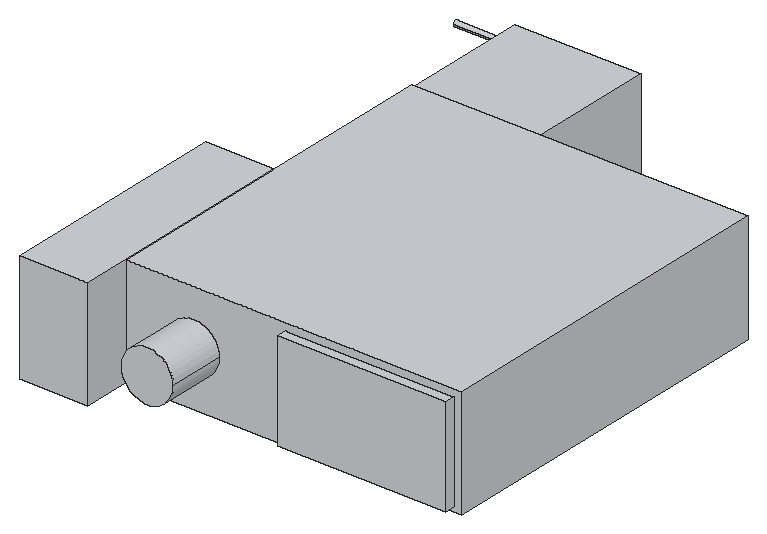
Revit family "QPLW_1-Row", category Mechanical Equipment, Revit 2016
Family settings
  Part Type = Normal
  Round Connector Dimension = Use Radius
  Work Plane-Based = No
  Always vertical = Yes
  Cut with Voids When Loaded = No
  Shared = No
  Room Calculation Point = No
Parameters (values of type "QPLW - 5" Inlet (1-Row HWC)")
  HWC Depth 1-Row "Z" = 12 1/4"
  HWC Conn Top = [Discharge Height "Y"] - 15/16"  # 9 1/16"
  HWC Conn Dia = 1/2"
  HWC Conn "E" = 7/16"
  HWC Conn "D" = 7/16"
  HWC Conn "C" = 2"
  HWC Conn "B" = 2"
  HWC Conn Radius = HWC Conn Dia / 2  # 1/4"
  Discharge Height "Y" = 10"
  Discharge Width "X" = 12"
  Width = 32"
  URL = "http://www.anemostat.com"
  Radius = Diameter / 2  # 2 7/16"
  Model = "QPLW"
  Manufacturer = "Anemostat"
  Length = 34"
  Induction Width "C" = 16"
  Height = 10 1/2"
  Duct Inlet Radius = Radius + 1/32"  # 2 15/32"
  Diameter = 4 7/8"
  Description = "Lo-Profile Series Fan Powered Air Terminal with Hot Water Coil"
Types (5): name | Radius | Duct Inlet Radius | Diameter
  (no name) | 2 7/16" | 2 15/32" | 4 7/8"
  QPLW - 5" Inlet (1-Row HWC) | 2 7/16" | 2 15/32" | 4 7/8"
  QPLW - 6" Inlet (1-Row HWC) | 2 15/16" | 2 31/32" | 5 7/8"
  QPLW - 7" Inlet (1-Row HWC) | 3 7/16" | 3 15/32" | 6 7/8"
  QPLW - 8" Inlet (1-Row HWC) | 3 15/16" | 3 31/32" | 7 7/8"
Reference planes (in)
  plane 1 "Center (Front/Back)": y = 0
  plane 2: z = 0
  plane 3 "Center (Left/Right)": x = 0
  plane 4 "Right Face": x = 16
  plane 5 "Left Face": x = -16
  plane 6 "Back of Box": y = 34
  plane 7 "Horiz. Centerline": z = 5.25
  plane 8 "Top of Box": z = 10.5
  plane 9 "Induction Right Edge": x = 15.25
  plane 10 "Inlet Left Edge": x = -12
  plane 11: y = -5.5
  plane 12: x = -0.75
  plane 13: x = -9.5625
  plane 14: z = 14.0625
  plane 15: y = 44.25
  plane 16: y = 46.25
  plane 17: y = 44.25
  plane 18: y = -4.5
  plane 19: y = 17.656
  plane 20: z = 9.8125
  plane 21: z = 1.0625
  plane 22: z = 0.25
  plane 23: z = 10.25
Forms (in)
  Extrusion 1, solid
    sketch origin (0, 0, 0) x (1, 0, 0) y (0, 0, 1)
      loop
        line (-16, 10.5) -> (-16, 0) -> (16, 0) -> (16, 10.5) -> (-16, 10.5)
    from 0 to -34
  Extrusion 2, solid
    sketch origin (0, 0, 0) x (1, 0, 0) y (0, 0, 1)
      loop
        line (15.25, 0.375) -> (15.25, 9.75) -> (-0.75, 9.75) -> (-0.75, 0.375) -> (15.25, 0.375)
    from 0 to 1
  Extrusion 3, solid
    sketch origin (0, 0, 0) x (1, 0, 0) y (0, 0, 1)
      loop
        circle (-9.5625, 5.25) r 2.4375
    from 0 to 5.5
  Extrusion 4, solid
    sketch origin (-16, 0, -3.5) x (0, -1, 0) y (0, 0, 1)
      loop
        line (4.5, 3.5) -> (4.5, 14) -> (-17.656, 14) -> (-17.656, 3.5) -> (4.5, 3.5)
    from 0 to 6.5
  Extrusion 5, solid
    sketch origin (-16, 0, 0) x (0, -1, 0) y (0, 0, 1)
      loop
        circle (-44.25, 9.8125) r 0.25
    from 0 to 4
  Extrusion 6, solid
    sketch origin (0, 34, -0.25) x (-1, 0, 0) y (0, 0, 1)
      loop
        line (16, 10.5) -> (4, 10.5) -> (4, 0.5) -> (16, 0.5) -> (16, 10.5)
    from 0 to 12.25 <- "HWC Depth 1-Row "Z""
  Extrusion 7, solid
    sketch origin (-16, 0, 0) x (0, -1, 0) y (0, 0, 1)
      loop
        circle (-44.25, 1.0625) r 0.25
    from 0 to 4
Dimensions and locks (in)
  "Width": plane 5 "Left Face" to plane 4 "Right Face"
  "Height": plane 8 "Top of Box" to level
  equal spacing: plane 8 "Top of Box", plane 7 "Horiz. Centerline", level
  equal spacing: plane 5 "Left Face", plane 3 "Center (Left/Right)", plane 4 "Right Face"
  locked: plane 5 "Left Face" to plane 10 "Inlet Left Edge" at 4
  "Length": plane 1 "Center (Front/Back)" to plane 6 "Back of Box"
  "Induction Width "C"": plane 9 "Induction Right Edge" to plane 12
  "Radius": plane 13 to plane 10 "Inlet Left Edge"
  "HWC Depth 1-Row "Z"": plane 16 to plane 6 "Back of Box"
  "HWC Conn "B"": plane 16 to plane 15
  "HWC Conn "C"": plane 16 to plane 17
  locked: plane 1 "Center (Front/Back)" to plane 18 at 4.5
  locked: plane 19 to plane 18 at 22.156
  "Discharge Width "X"": Extrusion 6 sketch curve to Extrusion 6 sketch curve
  "Discharge Height "Y"": Extrusion 6 sketch curve to Extrusion 6 sketch curve
  level to plane 21 = 1 1/16"
  locked: Extrusion 6 to level at 0.25
  locked: plane 23 to plane 20 at 0.4375
  "Radius": radius of Extrusion 3 sketch curve
  "HWC Conn Radius": radius of Extrusion 5 sketch curve
  "HWC Conn Radius": radius of Extrusion 7 sketch curve
  aligned and locked: plane 6 "Back of Box" to Extrusion 1
  aligned and locked: plane 18 to Extrusion 4 sketch curve
  aligned and locked: plane 19 to Extrusion 4 sketch curve
Automatic sketch dimensions
  Extrusion 1 sketch curve to level = 0"
  plane 5 "Left Face" to Extrusion 1 sketch curve = 0"
  Extrusion 1 sketch curve to plane 4 "Right Face" = 0"
  plane 8 "Top of Box" to Extrusion 1 sketch curve = 0"
  Extrusion 2 sketch curve to plane 12 = 0"
  Extrusion 2 sketch curve to plane 9 "Induction Right Edge" = 0"
  Extrusion 3 sketch curve to plane 7 "Horiz. Centerline" = 0"
  Extrusion 3 sketch curve to plane 13 = 0"
  Extrusion 5 sketch curve to plane 17 = 0"
  Extrusion 5 sketch curve to plane 20 = 0"
  plane 5 "Left Face" to Extrusion 6 sketch curve = 0"
  Extrusion 6 sketch curve to plane 8 "Top of Box" = 1/4"
  Extrusion 7 sketch curve to plane 15 = 0"
  Extrusion 7 sketch curve to plane 21 = 0"
  Extrusion 4 sketch curve to plane 14 = 3 9/16"
  Extrusion 4 sketch curve to plane 7 "Horiz. Centerline" = 5 1/4"
  Extrusion 2 sketch curve to plane 8 "Top of Box" = 3/4"
  Extrusion 2 sketch curve to plane 21 = 11/16"
Connectors (in)
  hvac at (-9.5625, -5.5, 5.25), driven by "Duct Inlet Radius"
    settings: on Extrusion 3, index 1, duct flow 0 CFM, flow factor 0, pres drop 0.00 in-wg, loss coef 0, conn angle 0.00°, conn width 12", conn height 12", conn diameter 4 15/16", duct sys type 1, conn prof type 0, flow config 0, flow direction 0, loss method 0, conn ref index -1, conn util no, is conn primary yes, conn desc ""
